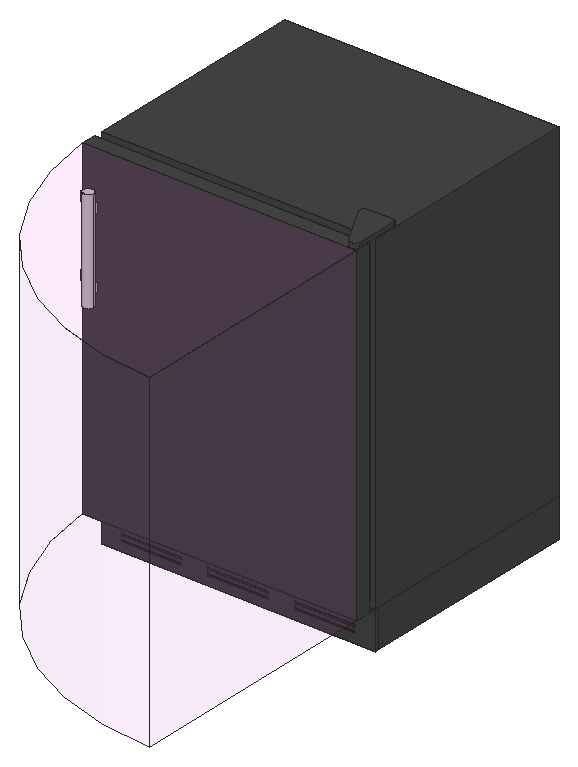
Revit family "QF_Summit_CT663BK_Refrigerator-Freezer", category Specialty Equipment, Revit 2020
Family settings
  Round Connector Dimension = Use Diameter
  Part Type = Normal
  Work Plane-Based = No
  Always vertical = Yes
  Cut with Voids When Loaded = No
  Shared = No
  Room Calculation Point = No
Parameters
  Weight in Pounds = 100
  Watts = Volts * FL Amps  # 138 W
  Volts = 115 V
  URL Cutsheet = ""
  Specification by User = ""
  Specification by Manufacturer = ""
  Show LHD [instance] = no
  Right Hinged Door [instance] = not(Show LHD)  # yes
  Serial Number = ""
  Seismic Rating = ""
  SMACNA No = ""
  Revision Code = ""
  Refrigerant Volume = 0.00 kip
  Refrigerant Type = "R600a"
  Phase = 1
  Number of Poles = 1
  NAFEM Spec ID Number = ""
  Model = "CT663BK"
  Min Ckt Ampacity = 0 A
  Max Overcurrent Protection = 0 A
  Masterspec = ""
  Manufacturer = "Summit"
  Length = 23 5/8"
  Item Number = ""
  Installed By = ""
  Identify Quantity as Lot = yes
  Height = 32 5/8"
  HP = ""
  Furnished By = ""
  Foodservice Equipment Identifier = yes
  FL Amps = 1.2 A
  Electrical Remarks = ""
  Electric Connection Type = ""
  Elec Conn RI Height = 0"
  Elec Conn Connection Height = 0"
  Description = "Refrigerator-Freezer"
  Depth = 23"
  Default Elevation = 0"
  Cycle = 60 Hz
  Conn Plug = ""
  Conn Conduit = yes
  CSI MasterFormat = ""
  BTUH = 0.0 Btu/h
  Apparent Power = if(Phase = 3, Volts * FL Amps * 1.73, Volts * FL Amps)  # 138 VA
Reference planes (in)
  plane 1 "BACK": y = 0
  plane 2: z = 0
  plane 3 "LEFT": x = 0
  plane 4 "RIGHT": x = 23.625
  plane 5 "FRONT": y = -23
  plane 6 "TOP": z = 32.625
  plane 7 "Center Y": x = 11.8125
  plane 8 "Center X": y = -11.5
  plane 9: z = 32.25
  plane 10: y = -24.625
  plane 11: y = -45.375
  plane 12: y = -1.25
  plane 13: y = -21
  plane 14: z = 0.375
  plane 15: z = 3.625
  plane 16: x = 17.46169
Forms (in)
  Extrusion 1, solid, material "QF_Metallic_Paint_Black_Glossy"
    sketch origin (-4.07558, -180, 0.5) x (-1, 0, 0) y (0, -1, 0)
      loop
        line (-4.07558, -178.75) -> (-4.07558, -159) -> (-27.70058, -159) -> (-27.70058, -178.75) -> (-4.07558, -178.75)
    from 3.125 to 31.75
  Extrusion 2, solid, material "QF_Metallic_Paint_Black_Glossy"
    sketch origin (-5.77638, -180.6239, 3.75) x (-1, 0, 0) y (0, -1, 0)
      loop
        line (-5.77638, -157.625) -> (-29.40138, -157.625) -> (-29.40138, -158.875) -> (-5.77638, -158.875) -> (-5.77638, -157.625)
    from -0.125 to 28.5
  Extrusion 3, solid, material "QF_Metallic_Paint_Black_Glossy"
    sketch origin (23.5, -21.7489, 3.75) x (-1, 0, 0) y (0, 0, 1)
      loop
        line (0.375, 0.375) -> (23, 0.375) -> (23, 28) -> (0.375, 28) -> (0.375, 0.375)
    from 0 to 0.7489
  Extrusion 4, solid, material "QF_Metallic_Paint_Black_Glossy", visible <- "Right Hinged Door"
    sketch origin (-5.77638, -180.6239, 32.25) x (-1, 0, 0) y (0, -1, 0)
      loop
        line (-26.55339, -161.37658) -> (-28.47012, -157.91871)
        arc (-28.47012, -157.91871) -> (-28.95386, -157.71088) -> (-29.27619, -158.12717) r 0.42999
        line (-29.27619, -158.12717) -> (-29.27619, -161.7403)
        arc (-29.27619, -161.7403) -> (-29.20297, -161.91708) -> (-29.02619, -161.9903) r 0.25
        line (-29.02619, -161.9903) -> (-26.9149, -161.9903)
        arc (-26.9149, -161.9903) -> (-26.55876, -161.78675) -> (-26.55339, -161.37658) r 0.41333
    from 0 to 0.375
  Extrusion 5, solid, material "QF_Metal_Stainless_Polished", visible <- "Right Hinged Door"
    sketch origin (-1.6459, -180.6239, 28.57044) x (-1, 0, 0) y (0, -1, 0)
      loop
        line (-1.6459, -158.625) -> (-1.5209, -158.625) -> (-1.5209, -157.55854) -> (-2.72981, -156.74311) -> (-3.38781, -156.74311) -> (-3.38781, -156.86811) -> (-2.76803, -156.86811) -> (-1.6459, -157.625) -> (-1.6459, -158.625)
    from 0 to -0.75
  Extrusion 6, solid, material "QF_Metal_Stainless_Polished", visible <- "Right Hinged Door"
    sketch origin (-4.89398, -180.6239, 20.75) x (-1, 0, 0) y (0, -1, 0)
      loop
        circle (-6.30689, -156.43406) r 0.43516
    from 0 to 8.75
  Extrusion 7, solid, material "QF_Metal_Stainless_Polished", visible <- "Right Hinged Door"
    sketch origin (-1.6459, -180.6239, 21.67956) x (0, 1, 0) y (1, 0, 0)
      loop
        line (158.625, 1.6459) -> (157.625, 1.6459) -> (156.86811, 2.76803) -> (156.86811, 3.38781) -> (156.74311, 3.38781) -> (156.74311, 2.72981) -> (157.55854, 1.5209) -> (158.625, 1.5209) -> (158.625, 1.6459)
    from 0 to -0.75
  Extrusion 8, solid, material "QF_Metallic_Paint_Black_Glossy", visible <- "Right Hinged Door"
    sketch origin (-5.77638, -180.5, 3.625) x (0, -1, 0) y (-1, 0, 0)
      loop
        line (-159.5, -29.27619) -> (-158.12717, -29.27619)
        arc (-158.12717, -29.27619) -> (-157.71088, -28.95386) -> (-157.91871, -28.47012) r 0.42999
        line (-157.91871, -28.47012) -> (-159.5, -27.5936) -> (-159.5, -29.27619)
    from 0 to 0.125
  Extrusion 9, solid, material "QF_Metallic_Paint_Black_Glossy"
    sketch origin (-12.48311, -21, 47.125) x (-1, 0, 0) y (0, 0, 1)
      loop
        line (-12.48311, -46.75) -> (-12.48311, -43.5) -> (-36.10811, -43.5) -> (-36.10811, -46.75) -> (-12.48311, -46.75)
      loop
        line (-14.18872, -44.25) -> (-19.43872, -44.25) -> (-19.43872, -44.5) -> (-14.18872, -44.5) -> (-14.18872, -44.25)
      loop
        line (-14.18872, -44.75) -> (-19.43872, -44.75) -> (-19.43872, -45) -> (-14.18872, -45) -> (-14.18872, -44.75)
      loop
        line (-14.18872, -45.25) -> (-19.43872, -45.25) -> (-19.43872, -45.5) -> (-14.18872, -45.5) -> (-14.18872, -45.25)
      loop
        line (-14.18872, -45.75) -> (-19.43872, -45.75) -> (-19.43872, -46) -> (-14.18872, -46) -> (-14.18872, -45.75)
      loop
        line (-21.67061, -44.25) -> (-26.92061, -44.25) -> (-26.92061, -44.5) -> (-21.67061, -44.5) -> (-21.67061, -44.25)
      loop
        line (-21.67061, -44.75) -> (-26.92061, -44.75) -> (-26.92061, -45) -> (-21.67061, -45) -> (-21.67061, -44.75)
      loop
        line (-21.67061, -45.25) -> (-26.92061, -45.25) -> (-26.92061, -45.5) -> (-21.67061, -45.5) -> (-21.67061, -45.25)
      loop
        line (-21.67061, -45.75) -> (-26.92061, -45.75) -> (-26.92061, -46) -> (-21.67061, -46) -> (-21.67061, -45.75)
      loop
        line (-34.40249, -44.25) -> (-34.40249, -44.5) -> (-29.15249, -44.5) -> (-29.15249, -44.25) -> (-34.40249, -44.25)
      loop
        line (-34.40249, -44.75) -> (-34.40249, -45) -> (-29.15249, -45) -> (-29.15249, -44.75) -> (-34.40249, -44.75)
      loop
        line (-34.40249, -45.25) -> (-34.40249, -45.5) -> (-29.15249, -45.5) -> (-29.15249, -45.25) -> (-34.40249, -45.25)
      loop
        line (-34.40249, -45.75) -> (-34.40249, -46) -> (-29.15249, -46) -> (-29.15249, -45.75) -> (-34.40249, -45.75)
    from 0 to 0.25
  Extrusion 10, solid, material "QF_Metallic_Paint_Black_Glossy"
    sketch origin (-12.48311, -1, 48.375) x (-1, 0, 0) y (0, 0, 1)
      loop
        line (-12.48311, -44.75) -> (-36.10811, -44.75) -> (-36.10811, -48) -> (-12.48311, -48) -> (-12.48311, -44.75)
    from -19.75 to -0.25
  Extrusion 11, solid, material "QF_Metallic_Paint_White_Smooth"
    sketch origin (23.625, -1, 0.375) x (0, 1, 0) y (1, 0, 0)
      loop
        circle (-18, -20.5146) r 0.5
      loop
        circle (-2.25, -20.5146) r 0.5
      loop
        circle (-18, -3.1104) r 0.5
      loop
        circle (-2.25, -3.1104) r 0.5
    from 0 to 0.375
  Extrusion 12, solid, material "QF_Metal_Stainless_Polished"
    sketch origin (0, -1.25, 0.5) x (1, 0, 0) y (0, 0, -1)
      loop
        circle (17.46169, -0.84684) r 0.25
    from 0 to 0.25
  Extrusion 13, solid, material "QF_Metallic_Paint_Black_Glossy"
    sketch origin (0, -0.75, 18) x (0, -1, 0) y (1, 0, 0)
      loop
        line (-0.75, 1) -> (0.5, 1) -> (0.5, 22.625) -> (-0.75, 22.625) -> (-0.75, 1)
    from -14.375 to 13.25
  Extrusion 14, solid, material "QF_Clearances_Door_Drawer", visible <- "Right Hinged Door"
    sketch origin (-5.77638, -180.6239, 3.625) x (0, -1, 0) y (-1, 0, 0)
      loop
        line (-157.625, -29.40138) -> (-135.2489, -29.40138)
        arc (-135.2489, -29.40138) -> (-141.83082, -13.22625) -> (-157.625, -5.77638) r 24.03425
        line (-157.625, -5.77638) -> (-157.625, -29.40138)
    from 0 to -28.625
  Extrusion 15, solid, material "QF_Clearances_Door_Drawer", visible <- "Show LHD"
    sketch origin (29.40138, -180.6239, 3.625) x (0, 1, 0) y (1, 0, 0)
      loop
        line (157.625, -29.40138) -> (157.625, -5.77638)
        arc (157.625, -5.77638) -> (141.83082, -13.22625) -> (135.2489, -29.40138) r 24.03425
        line (135.2489, -29.40138) -> (157.625, -29.40138)
    from 0 to -28.625
  Extrusion 16, solid, material "QF_Metal_Stainless_Polished", visible <- "Show LHD"
    sketch origin (25.2709, -180.6239, 28.57044) x (1, 0, 0) y (0, 1, 0)
      loop
        line (-1.6459, 158.625) -> (-1.6459, 157.625) -> (-2.76803, 156.86811) -> (-3.38781, 156.86811) -> (-3.38781, 156.74311) -> (-2.72981, 156.74311) -> (-1.5209, 157.55854) -> (-1.5209, 158.625) -> (-1.6459, 158.625)
    from 0 to -0.75
  Extrusion 17, solid, material "QF_Metal_Stainless_Polished", visible <- "Show LHD"
    sketch origin (28.51898, -180.6239, 20.75) x (1, 0, 0) y (0, 1, 0)
      loop
        circle (-6.30689, 156.43406) r 0.43516
    from 0 to 8.75
  Extrusion 18, solid, material "QF_Metal_Stainless_Polished", visible <- "Show LHD"
    sketch origin (25.2709, -180.6239, 21.67956) x (0, -1, 0) y (-1, 0, 0)
      loop
        line (-158.625, 1.6459) -> (-158.625, 1.5209) -> (-157.55854, 1.5209) -> (-156.74311, 2.72981) -> (-156.74311, 3.38781) -> (-156.86811, 3.38781) -> (-156.86811, 2.76803) -> (-157.625, 1.6459) -> (-158.625, 1.6459)
    from 0 to -0.75
  Extrusion 19, solid, material "QF_Metallic_Paint_Black_Glossy", visible <- "Show LHD"
    sketch origin (29.40138, -180.6239, 32.25) x (1, 0, 0) y (0, 1, 0)
      loop
        arc (-26.55339, 161.37658) -> (-26.55876, 161.78675) -> (-26.9149, 161.9903) r 0.41333
        line (-26.9149, 161.9903) -> (-29.02619, 161.9903)
        arc (-29.02619, 161.9903) -> (-29.20297, 161.91708) -> (-29.27619, 161.7403) r 0.25
        line (-29.27619, 161.7403) -> (-29.27619, 158.12717)
        arc (-29.27619, 158.12717) -> (-28.95386, 157.71088) -> (-28.47012, 157.91871) r 0.42999
        line (-28.47012, 157.91871) -> (-26.55339, 161.37658)
    from 0 to 0.375
  Extrusion 20, solid, material "QF_Metallic_Paint_Black_Glossy", visible <- "Show LHD"
    sketch origin (29.40138, -180.5, 3.625) x (0, 1, 0) y (1, 0, 0)
      loop
        line (159.5, -29.27619) -> (159.5, -27.5936) -> (157.91871, -28.47012)
        arc (157.91871, -28.47012) -> (157.71088, -28.95386) -> (158.12717, -29.27619) r 0.42999
        line (158.12717, -29.27619) -> (159.5, -29.27619)
    from 0 to 0.125
Lines and regions (in)
  symbolic lines
    curve 1: line (0, -1.25, 0) -> (23.625, -1.25, 0)
    curve 2: line (0, -21, 0) -> (0, -1.25, 0)
    curve 3: line (23.625, -21, 0) -> (23.49982, -21, 0)
    curve 4: line (23.625, -1.25, 0) -> (23.625, -21, 0)
    curve 5: line (21.74854, -21, 0) -> (1.87646, -21, 0)
    curve 12: line (23.625, -22.9989, 0) -> (0, -22.9989, 0)
    curve 13: line (0, -21.7489, 0) -> (0, -22.9989, 0)
    curve 14: line (23.625, -21.7489, 0) -> (23.49982, -21.7489, 0)
    curve 15: line (23.625, -22.9989, 0) -> (23.625, -21.7489, 0)
    curve 16: line (22.16366, -21.7489, 0) -> (1.46134, -21.7489, 0)
    curve 28: line (1, -1.25, 0) -> (1, 0, 0)
    curve 29: line (1, 0, 0) -> (22.625, 0, 0)
    curve 30: line (22.625, 0, 0) -> (22.625, -1.25, 0)
    curve 53: line (0.12518, -21, 0) -> (0, -21, 0)
    curve 55: line (0.12518, -21.7489, 0) -> (0, -21.7489, 0)
  symbolic lines, visible <- "Right Hinged Door"
    curve 6: line (23.49982, -22.49673, 0) -> (23.49982, -18.8836, 0)
    curve 7: arc (23.49982, -18.8836, 0) -> (23.42659, -18.70682, 0) -> (23.24982, -18.6336, 0) r 0.25
    curve 8: line (23.24982, -18.6336, 0) -> (21.13852, -18.6336, 0)
    curve 9: arc (21.13852, -18.6336, 0) -> (20.78238, -18.83715, 0) -> (20.77701, -19.24732, 0) r 0.41333
    curve 10: line (20.77701, -19.24732, 0) -> (22.69374, -22.70519, 0)
    curve 11: arc (22.69374, -22.70519, 0) -> (23.17748, -22.91302, 0) -> (23.49982, -22.49673, 0) r 0.42999
    curve 17: line (-0.125, -21.9989, 0) -> (-0.125, -23.06536, 0)
    curve 18: line (-0.125, -23.06536, 0) -> (1.08391, -23.88078, 0)
    curve 19: arc (0.97776, -24.18984, 0) -> (1.41291, -24.625, 0) -> (1.84807, -24.18984, 0) r 0.43516
    curve 20: line (1.74192, -23.75578, 0) -> (1.12213, -23.75578, 0)
    curve 21: line (1.12213, -23.75578, 0) -> (0, -22.9989, 0)
    curve 22: line (1.74192, -23.88078, 0) -> (1.74192, -23.75578, 0)
    curve 23: arc (1.84807, -24.18984, 0) -> (1.73137, -23.89328, 0) -> (1.44385, -23.75578, 0) r 0.43516
    curve 24: line (1.08391, -23.88078, 0) -> (1.10657, -23.88078, 0)
    curve 25: line (1.71926, -23.88078, 0) -> (1.74192, -23.88078, 0)
    curve 26: arc (1.38198, -23.75578, 0) -> (1.09446, -23.89328, 0) -> (0.97776, -24.18984, 0) r 0.43516
    curve 27: line (0.5, -21.7489, 0) -> (0.5, -21, 0)
    curve 32: line (-0.125, -21.9989, 0) -> (0, -21.9989, 0)
    curve 54: line (1.87646, -21, 0) -> (0.12518, -21, 0)
    curve 56: line (1.46134, -21.7489, 0) -> (0.12518, -21.7489, 0)
  symbolic lines, style "QF_Clearances_Door_Drawer", visible <- "Right Hinged Door"
    curve 31: line (23.625, -22.9989, 0) -> (3.82025, -34.43318, 0)
    curve 33: arc (3.82025, -34.43318, 0) -> (1.20686, -29.03479, 0) -> (0.01147, -23.15741, 0) r 24.03425
  symbolic lines, visible <- "Show LHD"
    curve 34: line (0.12518, -22.49673, 0) -> (0.12518, -18.8836, 0)
    curve 35: arc (0.12518, -18.8836, 0) -> (0.19841, -18.70682, 0) -> (0.37518, -18.6336, 0) r 0.25
    curve 36: line (0.37518, -18.6336, 0) -> (2.48648, -18.6336, 0)
    curve 37: arc (2.48648, -18.6336, 0) -> (2.84262, -18.83715, 0) -> (2.84799, -19.24732, 0) r 0.41333
    curve 38: line (2.84799, -19.24732, 0) -> (0.93126, -22.70519, 0)
    curve 39: arc (0.93126, -22.70519, 0) -> (0.44752, -22.91302, 0) -> (0.12518, -22.49673, 0) r 0.42999
    curve 40: line (23.75, -21.9989, 0) -> (23.75, -23.06536, 0)
    curve 41: line (23.75, -23.06536, 0) -> (22.54109, -23.88078, 0)
    curve 42: arc (22.64724, -24.18984, 0) -> (22.21209, -24.625, 0) -> (21.77693, -24.18984, 0) r 0.43516
    curve 43: line (21.88308, -23.75578, 0) -> (22.50287, -23.75578, 0)
    curve 44: line (22.50287, -23.75578, 0) -> (23.625, -22.9989, 0)
    curve 45: arc (21.77693, -24.18984, 0) -> (21.89363, -23.89328, 0) -> (22.18115, -23.75578, 0) r 0.43516
    curve 46: arc (22.24302, -23.75578, 0) -> (22.53054, -23.89328, 0) -> (22.64724, -24.18984, 0) r 0.43516
    curve 48: line (23.75, -21.9989, 0) -> (23.625, -21.9989, 0)
    curve 50: line (22.54109, -23.88078, 0) -> (22.51843, -23.88078, 0)
    curve 51: line (21.88308, -23.75578, 0) -> (21.88308, -23.88078, 0)
    curve 52: line (21.90574, -23.88078, 0) -> (21.88308, -23.88078, 0)
    curve 57: line (23.125, -21.7489, 0) -> (23.125, -21, 0)
    curve 58: line (21.74854, -21, 0) -> (23.49982, -21, 0)
    curve 59: line (22.16366, -21.7489, 0) -> (23.49982, -21.7489, 0)
  symbolic lines, style "QF_Clearances_Door_Drawer", visible <- "Show LHD"
    curve 47: line (0, -22.9989, 0) -> (19.80475, -34.43318, 0)
    curve 49: arc (19.80475, -34.43318, 0) -> (22.41814, -29.03479, 0) -> (23.61353, -23.15741, 0) r 24.03425
Dimensions and locks (in)
  equal spacing: plane 3 "LEFT", plane 7 "Center Y", plane 4 "RIGHT"
  "Length": plane 3 "LEFT" to plane 4 "RIGHT"
  equal spacing: plane 5 "FRONT", plane 8 "Center X", plane 1 "BACK"
  "Depth": plane 5 "FRONT" to plane 1 "BACK"
  "Height": plane 6 "TOP" to level
  plane 4 "RIGHT" to plane 3 "LEFT" = 23 5/8"
  locked: plane 6 "TOP" to plane 9 at 0.375
  locked: plane 10 to plane 5 "FRONT" at 1.625
  plane 1 "BACK" to plane 12 = 1 1/4"
  plane 12 to plane 13 = 19 3/4"
  plane 9 to plane 2 = 32 1/4"
  plane 14 to plane 2 = 3/8"
  plane 15 to plane 14 = 3 1/4"
  plane 11 to plane 1 "BACK" = 45 3/8"
  aligned and locked: level to plane 2
Automatic sketch dimensions
  curve 19 to curve 23 = 0"  (x2)
  curve 19 to curve 26 = 0"  (x2)
  curve 23 to curve 26 = 0"  (x2)
  curve 42 to curve 45 = 0"  (x2)
  curve 42 to curve 46 = 0"  (x2)
  curve 45 to curve 46 = 0"  (x2)
  curve 47 to plane 3 "LEFT" = 0"
  curve 53 to plane 3 "LEFT" = 0"
  curve 53 to plane 13 = 0"
  curve 54 to plane 13 = 0"
  curve 28 to plane 12 = 0"
  plane 1 "BACK" to curve 29 = 0"
  curve 5 to plane 13 = 0"
  curve 58 to plane 13 = 0"
  curve 3 to plane 13 = 0"
  curve 48 to plane 4 "RIGHT" = 0"
  curve 1 to plane 4 "RIGHT" = 0"
  curve 17 to plane 3 "LEFT" = 1/8"
  curve 49 to plane 3 "LEFT" = 0.35216"
  plane 3 "LEFT" to curve 34 = 0.12518"
  curve 34 to curve 36 = 1/4"
  curve 34 to curve 39 = 0.42999"
  curve 38 to plane 5 "FRONT" = 0.29481"
  curve 39 to curve 38 = 0.37608"
  plane 3 "LEFT" to curve 29 = 1"
  plane 3 "LEFT" to curve 18 = 1.08391"
  plane 5 "FRONT" to curve 21 = 0.75578"
  curve 18 to curve 21 = 0.03822"
  curve 18 to curve 26 = 0.329"
  curve 16 to plane 13 = 0.7489"
  curve 39 to curve 16 = 0.53008"
  curve 19 to curve 20 = 0.329"
  curve 36 to curve 36 = 2.1113"
  plane 13 to curve 38 = 1.75268"
  plane 3 "LEFT" to curve 31 = 3.82025"
  curve 47 to plane 16 = 2.34306"
  plane 4 "RIGHT" to curve 10 = 2.84799"
  curve 9 to curve 9 = 0.36151"
  plane 10 to curve 52 = 0.74422"
  plane 4 "RIGHT" to curve 52 = 1.74192"
  curve 51 to curve 45 = 0.329"
  curve 42 to curve 44 = 0.29079"
  curve 43 to curve 50 = 0.01556"
  curve 50 to curve 50 = 0.02266"
  plane 4 "RIGHT" to curve 30 = 1"
  curve 10 to plane 5 "FRONT" = 0.29481"
  plane 4 "RIGHT" to curve 10 = 0.93126"
  curve 10 to curve 11 = 0.37608"
  plane 4 "RIGHT" to curve 7 = 0.37518"
  plane 4 "RIGHT" to curve 6 = 0.12518"
  curve 40 to plane 4 "RIGHT" = 1/8"
  curve 33 to plane 4 "RIGHT" = 0.35216"
  curve 52 to curve 41 = 0"
  curve 18 to curve 20 = 1/8"
  plane 10 to curve 26 = 0.43516"
  curve 45 to curve 52 = 0.30906"
  curve 47 to plane 10 = 9.80818"
  curve 31 to plane 10 = 9.80818"
  curve 22 to curve 20 = 1/8"
  curve 51 to curve 43 = 1/8"
  plane 5 "FRONT" to curve 17 = 0.06536"
  plane 5 "FRONT" to curve 41 = 0.06536"
  curve 44 to plane 5 "FRONT" = 0.0011"
  curve 6 to curve 40 = 0.49783"
  curve 39 to curve 32 = 0.49783"
  curve 32 to curve 13 = 1/4"
  curve 48 to curve 14 = 1/4"
  curve 49 to plane 13 = 0.34333"
  curve 33 to plane 13 = 0.34333"
  plane 13 to curve 10 = 1.75268"
  curve 9 to curve 9 = 0.20039"
  curve 37 to curve 37 = 0.20039"
  curve 55 to curve 27 = 0.37482"
  curve 19 to curve 18 = 0.10616"
  curve 56 to curve 16 = 0"
  curve 59 to curve 16 = 0"
  curve 57 to curve 3 = 0.37482"
  Extrusion 1 sketch curve to plane 4 "RIGHT" = 0"
  Extrusion 1 sketch curve to plane 3 "LEFT" = 0"
  Extrusion 1 sketch curve to plane 12 = 0"
  Extrusion 1 sketch curve to plane 13 = 0"
  Extrusion 2 sketch curve to plane 4 "RIGHT" = 0"
  Extrusion 2 sketch curve to plane 3 "LEFT" = 0"
  Extrusion 2 sketch curve to plane 13 = 0.7489"
  Extrusion 2 sketch curve to plane 5 "FRONT" = 0.0011"
  Extrusion 2 to Extrusion 3 sketch curve = 1/2"  (x3)
  Extrusion 3 sketch curve to Extrusion 2 = 1/2"
  Extrusion 4 sketch curve to Extrusion 2 = 0.12518"
  Extrusion 4 sketch curve to Extrusion 4 sketch curve = 1/4"
  Extrusion 4 sketch curve to Extrusion 4 sketch curve = 0.42999"
  Extrusion 4 sketch curve to Extrusion 2 = 0.29371"
  Extrusion 4 sketch curve to Extrusion 4 sketch curve = 0.37608"
  Extrusion 4 sketch curve to Extrusion 4 sketch curve = 2.1113"
  Extrusion 4 sketch curve to Extrusion 4 sketch curve = 0.36151"
  Extrusion 2 to Extrusion 4 sketch curve = 2.50158"
  Extrusion 4 sketch curve to Extrusion 4 sketch curve = 0.20039"
  Extrusion 5 sketch curve to plane 3 "LEFT" = 0"
  plane 3 "LEFT" to Extrusion 5 sketch curve = 1.08391"
  Extrusion 5 sketch curve to Extrusion 5 sketch curve = 0.03822"
  Extrusion 5 sketch curve to Extrusion 5 sketch curve = 0.61979"
  Extrusion 5 sketch curve to plane 3 "LEFT" = 1/8"
  Extrusion 5 sketch curve to plane 13 = 0.9989"
  Extrusion 5 sketch curve to plane 5 "FRONT" = 0.0011"
  plane 5 "FRONT" to Extrusion 5 sketch curve = 0.06536"
  plane 5 "FRONT" to Extrusion 5 sketch curve = 0.75578"
  Extrusion 5 sketch curve to Extrusion 5 sketch curve = 1/8"
  plane 10 to Extrusion 6 sketch curve = 0.43516"
  plane 3 "LEFT" to Extrusion 6 sketch curve = 1.41291"
  Extrusion 7 sketch curve to plane 3 "LEFT" = 0"
  plane 10 to Extrusion 7 sketch curve = 0.74422"
  Extrusion 7 sketch curve to Extrusion 7 sketch curve = 1/8"
  plane 5 "FRONT" to Extrusion 7 sketch curve = 0.06536"
  Extrusion 7 sketch curve to plane 5 "FRONT" = 0.0011"
  Extrusion 7 sketch curve to plane 3 "LEFT" = 1/8"
  Extrusion 7 sketch curve to plane 13 = 0.9989"
  plane 3 "LEFT" to Extrusion 7 sketch curve = 1.08391"
  Extrusion 7 sketch curve to Extrusion 7 sketch curve = 0.03822"
  Extrusion 7 sketch curve to Extrusion 7 sketch curve = 0.61979"
  Extrusion 2 to Extrusion 8 sketch curve = 0.12518"
  Extrusion 8 sketch curve to Extrusion 2 = 0.7489"
  Extrusion 2 to Extrusion 8 sketch curve = 0.62393"
  Extrusion 2 to Extrusion 8 sketch curve = 0.41761"
  Extrusion 8 sketch curve to Extrusion 8 sketch curve = 0.42999"
  Extrusion 8 sketch curve to Extrusion 8 sketch curve = 1.6826"
  plane 4 "RIGHT" to Extrusion 9 sketch curve = 0"
  Extrusion 9 sketch curve to plane 3 "LEFT" = 0"
  Extrusion 9 sketch curve to plane 14 = 0"
  Extrusion 9 sketch curve to plane 15 = 0"
  plane 4 "RIGHT" to Extrusion 9 sketch curve = 1.70562"
  plane 14 to Extrusion 9 sketch curve = 3/4"  (x3)
  Extrusion 9 sketch curve to Extrusion 9 sketch curve = 0"  (x18)
  plane 16 to Extrusion 9 sketch curve = 0.79231"
  Extrusion 9 sketch curve to Extrusion 9 sketch curve = 2.23188"  (x2)
  Extrusion 9 sketch curve to plane 7 "Center Y" = 2 5/8"
  plane 3 "LEFT" to Extrusion 9 sketch curve = 1.70562"
  Extrusion 9 sketch curve to Extrusion 9 sketch curve = 1/4"  (x21)
  plane 4 "RIGHT" to Extrusion 10 sketch curve = 0"
  Extrusion 10 sketch curve to plane 3 "LEFT" = 0"
  Extrusion 10 sketch curve to plane 14 = 0"
  Extrusion 10 sketch curve to plane 15 = 0"
  Extrusion 11 sketch curve to Extrusion 10 = 1 3/4"  (x2)
  Extrusion 11 sketch curve to Extrusion 10 = 2"  (x2)
  Extrusion 10 to Extrusion 11 sketch curve = 3.1104"  (x2)
  Extrusion 11 sketch curve to Extrusion 10 = 3.1104"  (x2)
  Extrusion 12 sketch curve to Extrusion 1 = 2.27816"
  Extrusion 12 sketch curve to Extrusion 1 = 6.16331"
  plane 1 "BACK" to Extrusion 13 sketch curve = 0"
  Extrusion 13 sketch curve to plane 12 = 0"
  plane 3 "LEFT" to Extrusion 13 sketch curve = 1"
  plane 4 "RIGHT" to Extrusion 13 sketch curve = 1"
  Extrusion 14 sketch curve to Extrusion 2 = 0"  (x3)
  Extrusion 14 sketch curve to Extrusion 2 = 0.40557"
  Extrusion 14 sketch curve to Extrusion 14 sketch curve = 22.3761"
  Extrusion 15 sketch curve to Extrusion 2 = 0"  (x3)
  Extrusion 15 sketch curve to Extrusion 15 sketch curve = 22.3761"
  Extrusion 15 sketch curve to Extrusion 2 = 0.35216"
  Extrusion 16 sketch curve to plane 4 "RIGHT" = 0"
  plane 4 "RIGHT" to Extrusion 16 sketch curve = 1.08391"
  Extrusion 16 sketch curve to Extrusion 16 sketch curve = 0.03822"
  Extrusion 16 sketch curve to Extrusion 16 sketch curve = 0.61979"
  Extrusion 16 sketch curve to plane 4 "RIGHT" = 1/8"
  plane 10 to Extrusion 16 sketch curve = 0.74422"
  Extrusion 16 sketch curve to Extrusion 16 sketch curve = 1/8"
  plane 5 "FRONT" to Extrusion 16 sketch curve = 0.06536"
  Extrusion 16 sketch curve to plane 5 "FRONT" = 0.0011"
  Extrusion 16 sketch curve to plane 13 = 0.9989"
  plane 10 to Extrusion 17 sketch curve = 0.43516"
  plane 4 "RIGHT" to Extrusion 17 sketch curve = 1.41291"
  Extrusion 18 sketch curve to plane 4 "RIGHT" = 0"
  Extrusion 18 sketch curve to plane 13 = 0.9989"
  Extrusion 18 sketch curve to plane 5 "FRONT" = 0.0011"
  plane 5 "FRONT" to Extrusion 18 sketch curve = 0.06536"
  plane 5 "FRONT" to Extrusion 18 sketch curve = 0.75578"
  Extrusion 18 sketch curve to Extrusion 18 sketch curve = 1/8"
  plane 4 "RIGHT" to Extrusion 18 sketch curve = 1.08391"
  Extrusion 18 sketch curve to Extrusion 18 sketch curve = 0.03822"
  Extrusion 18 sketch curve to Extrusion 18 sketch curve = 0.61979"
  Extrusion 18 sketch curve to plane 4 "RIGHT" = 1/8"
  Extrusion 19 sketch curve to Extrusion 2 = 0.12518"
  Extrusion 19 sketch curve to Extrusion 19 sketch curve = 1/4"
  Extrusion 19 sketch curve to Extrusion 19 sketch curve = 0.42999"
  Extrusion 19 sketch curve to Extrusion 2 = 0.29371"
  Extrusion 19 sketch curve to Extrusion 19 sketch curve = 0.37608"
  Extrusion 19 sketch curve to Extrusion 19 sketch curve = 2.1113"
  Extrusion 19 sketch curve to Extrusion 19 sketch curve = 0.36151"
  Extrusion 2 to Extrusion 19 sketch curve = 2.50158"
  Extrusion 19 sketch curve to Extrusion 19 sketch curve = 0.20039"
  Extrusion 2 to Extrusion 20 sketch curve = 0.41761"
  Extrusion 2 to Extrusion 20 sketch curve = 0.12518"
  Extrusion 2 to Extrusion 20 sketch curve = 0.62393"
  Extrusion 20 sketch curve to Extrusion 2 = 0.7489"
  Extrusion 20 sketch curve to Extrusion 20 sketch curve = 0.42999"
  Extrusion 20 sketch curve to Extrusion 20 sketch curve = 1.6826"
  radius of Extrusion 6 sketch curve = 0.43516"
  radius of Extrusion 11 sketch curve = 1/2"  (x4)
  radius of Extrusion 12 sketch curve = 1/4"
  radius of Extrusion 17 sketch curve = 0.43516"
Connectors (in)
  electrical at (17.46169, -1, 1.34684), driven by "Volts", driven by "Watts"
    settings: on Extrusion 12, index 6, voltage 115 V, apparent load 138 VA, apparent load phase1 0 VA, apparent load phase2 0 VA, apparent load phase3 0 VA, power factor 1, load classification "Other", number of poles 1, system type 30, power factor state 1, is connector primary yes, connector utility no, sub classification motor no, connector description ""
